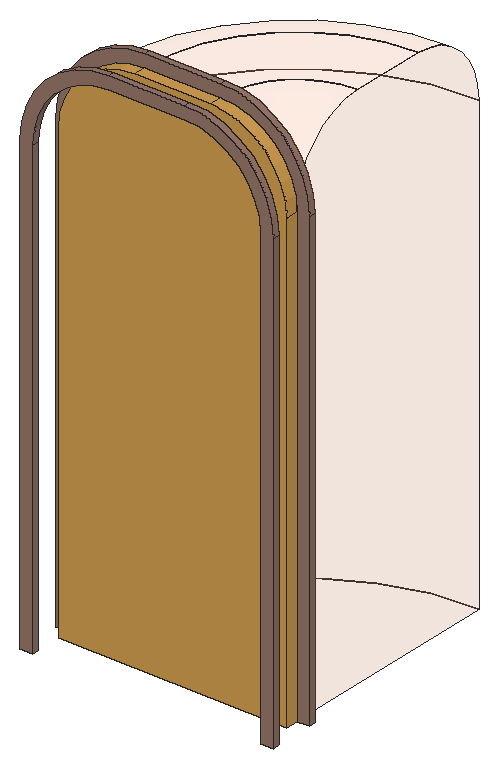
Revit family "A_Door_Single Arch Panel", category Doors, host Wall, Revit 2020
Family settings
  Host = Wall
  OmniClass Number = 23.30.10.00
  OmniClass Title = Doors
  Always vertical = Yes
  Cut with Voids When Loaded = No
  Shared = No
  Room Calculation Point = No
Parameters (values of type "900Wx2100H")
  Visual Light Transmittance = 0
  Thickness = 50 mm
  Thermal Resistance (R) = 0.455703 (m²·K)/W
  Swing Angle [instance] = 90.00°
  Solar Heat Gain Coefficient = 0
  R2 = R + Trim Width  # 350 mm
  R = 300 mm
  Define Thermal Properties by = Schematic Type
  Construction Type Id = "DOOR"
  Heat Transfer Coefficient (U) = 2.19465 W/(m²·K)
  Function = Interior
  Clearance = CLEARANCE
  Assembly Code = "C1020300"
  Panel Material = Wood - Birch - Solid Stained Light Low Gloss
  Trim Material = Paint - Sienna
  Height = 2100 mm
  Trim Projection Ext = 25 mm
  Trim Projection Int = 25 mm
  Trim Width = 50 mm
  Wall Closure = By host
  Width = 900 mm
  Analytic Construction = "Wooden"
Reference planes
  plane 1 "Center(Front/Back)": y = 0
  plane 2: z = 0
  plane 3 "Center (Left/Right)": x = 0
  plane 4 "Left": x = -450
  plane 5 "Right": x = 450
  plane 6 "Top": z = 2100
  plane 7: y = 76.2
  plane 8: z = 1800
  plane 9: x = 150
  plane 10: x = -150
Forms (mm)
  Extrusion 1, solid, material "Wood - Birch - Solid Stained Light Low Gloss" <- "Panel Material"
    sketch origin (0, 0, 0) x (1, 0, 0) y (0, 0, 1)
      loop
        arc (-150, 2100) -> (-362.132, 2012.132) -> (-450, 1800) r 300
        line (-450, 1800) -> (-450, 0) -> (450, 0) -> (450, 1800)
        arc (450, 1800) -> (362.132, 2012.132) -> (150, 2100) r 300
        line (150, 2100) -> (-150, 2100)
    from -76.2 to -26.2
  Extrusion 2, solid, material "Paint - Sienna" <- "Trim Material", detail levels fine
    sketch origin (-1524, -76.2, 0) x (1, 0, 0) y (0, 0, 1)
      loop
        arc (1374, 2150) -> (1126.513, 2047.487) -> (1024, 1800) r 350
        line (1024, 1800) -> (1024, 0) -> (1074, 0) -> (1074, 1800)
        arc (1074, 1800) -> (1161.868, 2012.132) -> (1374, 2100) r 300
        line (1374, 2100) -> (1674, 2100)
        arc (1674, 2100) -> (1886.132, 2012.132) -> (1974, 1800) r 300
        line (1974, 1800) -> (1974, 0) -> (2024, 0) -> (2024, 1800)
        arc (2024, 1800) -> (1921.487, 2047.487) -> (1674, 2150) r 350
        line (1674, 2150) -> (1374, 2150)
    from 0 to 25
  Extrusion 3, solid, material "Paint - Sienna" <- "Trim Material", detail levels fine
    sketch origin (-1524, 76.2, 0) x (-1, 0, 0) y (0, 0, 1)
      loop
        arc (-1674, 2150) -> (-1921.487, 2047.487) -> (-2024, 1800) r 350
        line (-2024, 1800) -> (-2024, 0) -> (-1974, 0) -> (-1974, 1800)
        arc (-1974, 1800) -> (-1886.132, 2012.132) -> (-1674, 2100) r 300
        line (-1674, 2100) -> (-1374, 2100)
        arc (-1374, 2100) -> (-1161.868, 2012.132) -> (-1074, 1800) r 300
        line (-1074, 1800) -> (-1074, 0) -> (-1024, 0) -> (-1024, 1800)
        arc (-1024, 1800) -> (-1126.513, 2047.487) -> (-1374, 2150) r 350
        line (-1374, 2150) -> (-1674, 2150)
    from 0 to 25
Lines and regions (mm)
  Opening 1
    outline origin (-1524, -76.2, 3657.6) x (0, 0, -1) y (1, 0, 0)
      loop
        line (1857.6, 1074) -> (3657.6, 1074) -> (3657.6, 1974) -> (1857.6, 1974)
        arc (1857.6, 1974) -> (1645.468, 1886.132) -> (1557.6, 1674) r 300
        line (1557.6, 1674) -> (1557.6, 1374)
        arc (1557.6, 1374) -> (1645.468, 1161.868) -> (1857.6, 1074) r 300
  symbolic lines, style "Elevation Swing"
    curve 1: line (-450, 0, 2100) -> (450, 0, 1050)
    curve 2: line (-450, 0, 0) -> (450, 0, 1050)
Dimensions and locks
  equal spacing: plane 4 "Left", plane 3 "Center (Left/Right)", plane 5 "Right"
  "Width": plane 4 "Left" to plane 5 "Right"
  "Height": plane 6 "Top" to plane 2
  "Trim Projection Ext": Extrusion 3 to host wall
  "Trim Projection Int": Extrusion 2 to host wall
  "Thickness": Extrusion 1 to host wall
  equal spacing: plane 6 "Top", curve 2, level
  "Trim Width": Extrusion 2 to nested 2
  "Trim Width": Extrusion 2 to Extrusion 1
  "Trim Width": Extrusion 1 to Extrusion 2
  "Trim Width": Extrusion 3 to Extrusion 1  (x3)
  "R": plane 9 to plane 5 "Right"
  "R": plane 4 "Left" to plane 10
  "R": plane 8 to plane 6 "Top"
  "Trim Width": Extrusion 3 to nested 2
  "R": radius of Opening 1 sketch curve  (x2)
  "R": radius of Extrusion 1 sketch curve  (x2)
  "R": radius of Extrusion 3 sketch curve  (x2)
  "R": radius of Extrusion 2 sketch curve  (x2)
  "R2": radius of Extrusion 3 sketch curve  (x2)
  "R2": radius of Extrusion 2 sketch curve  (x2)
  aligned and locked: host wall to Extrusion 1
  aligned and locked: Extrusion 2 to Extrusion 3 sketch curve  (x2)
  aligned and locked: Extrusion 3 sketch curve to Extrusion 2
  aligned and locked: plane 7 to host wall
  aligned and locked: plane 7 to Extrusion 1
  aligned and locked: nested 1 to plane 7
  aligned and locked: nested 1 to plane 5 "Right"
  aligned and locked: nested 2 to plane 7
  aligned and locked: nested 2 to plane 5 "Right"
  aligned and locked: plane 6 "Top" to Extrusion 3 sketch curve
  aligned and locked: Extrusion 3 sketch curve to plane 5 "Right"
  aligned and locked: Extrusion 3 sketch curve to plane 4 "Left"
  aligned and locked: plane 4 "Left" to Extrusion 2 sketch curve
  aligned and locked: plane 6 "Top" to Extrusion 2 sketch curve
  aligned and locked: Extrusion 2 sketch curve to plane 5 "Right"
Automatic sketch dimensions
  curve 1 to plane 4 "Left" = 0 mm
  curve 1 to plane 6 "Top" = 0 mm
  curve 2 to plane 5 "Right" = 0 mm
  curve 2 to level = 0 mm
  curve 2 to plane 4 "Left" = 0 mm
  Opening 1 sketch curve to plane 6 "Top" = 0 mm
  Opening 1 sketch curve to level = 0 mm
  plane 4 "Left" to Opening 1 sketch curve = 0 mm
  plane 5 "Right" to Opening 1 sketch curve = 0 mm
  Extrusion 1 sketch curve to level = 0 mm
  plane 4 "Left" to Extrusion 1 sketch curve = 0 mm
  Extrusion 1 sketch curve to plane 6 "Top" = 0 mm
  plane 5 "Right" to Extrusion 1 sketch curve = 0 mm
  Extrusion 3 sketch curve to level = 0 mm  (x2)
  Extrusion 2 sketch curve to level = 0 mm  (x2)
  plane 4 "Left" to Extrusion 2 sketch curve = 50 mm
  Extrusion 2 sketch curve to plane 9 = 0 mm
  plane 8 to Extrusion 2 sketch curve = 0 mm
Nested families
  nested 1: "Door Swing-Single" at (450, 76.2, 0), Swing Angle <- "Swing Angle", type "Single"
    with Swing Visible yes, Swing Angle 90.00°, Actual Angle 90.00°, Thickness 50 mm
  nested 2: "Clearance 1" at (450, 76.2, 0), Width <- "Width", Swing Door <- "Swing Angle", Height <- "Height", Clearance <- "Clearance", type "Clearance 1"
    with Width 900 mm, Swing Door 90.00°, Height 2100 mm, Clearance CLEARANCE, R 300 mm
Definition of nested family "Clearance 1"
  Parameters (values of type "Clearance 1")
    Width [instance] = 1200 mm
    Swing Door [instance] = 45.00°
    R = 260 mm
    Height [instance] = 1620 mm
    Default Elevation = 0 mm
    Clearance [instance] = none
  Reference planes
    plane 1 "Center (Front/Back)": y = 0
    plane 2: z = 0
    plane 3 "Center (Left/Right)": x = 0
    plane 4: x = -1200
    plane 5: z = 1620
  Forms (mm)
    Revolve 1, solid, material <- "Clearance"
      sketch origin (0, 0, 0) x (1, 0, 0) y (0, 0, 1)
        loop
          line (-260, 1620) -> (-940, 1620)
          arc (-940, 1620) -> (-1123.848, 1543.848) -> (-1200, 1360) r 260
          line (-1200, 1360) -> (-1200, 0) -> (0, 0) -> (0, 1360)
          arc (0, 1360) -> (-76.152, 1543.848) -> (-260, 1620) r 260
        axis (0, 1620) -> (0, 0)
      angle from 0 to 45 <- "Swing Door"
  Lines and regions (mm)
    reference lines
      curve 1: line (0, 0, 0) -> (-1018.234, 1018.234, 0)
  Dimensions and locks
    "Width": plane 4 to plane 3 "Center (Left/Right)"
    "Height": plane 5 to plane 2
    "R": radius of Revolve 1 sketch curve  (x2)
    "Swing Door": angle curve 1 to plane 1 "Center (Front/Back)"
    aligned and locked: level to plane 2
    aligned and locked: plane 3 "Center (Left/Right)" to curve 1
    aligned and locked: plane 1 "Center (Front/Back)" to curve 1
    aligned and locked: plane 5 to Revolve 1 sketch curve
    aligned and locked: plane 3 "Center (Left/Right)" to Revolve 1 sketch curve  (x2)
    aligned and locked: Revolve 1 sketch curve to plane 2
  Automatic sketch dimensions
    Revolve 1 sketch curve to plane 4 = 0 mm
    Revolve 1 sketch curve to level = 0 mm
    Revolve 1 sketch curve to plane 5 = 0 mm
Definition of nested family "Door Swing-Single"
  Parameters (values of type "Single")
    Width = 900 mm
    Thickness = 45 mm
    Swing Visible [instance] = Swing Angle > 1.00°  # yes
    Swing Angle [instance] = 45.00°
    Assembly Code = ""
    Analytic Construction = "<None>"
    Actual Angle [instance] = if(Swing Angle < 1.00°, 1.00°, Swing Angle)  # 45.00°
  Reference planes
    plane 1 "Center (Front/Back)": y = 0
    plane 2: z = 0
    plane 3 "Center (Left/Right)": x = 0
    plane 4: x = -900
  Lines and regions (mm)
    Masking region 1
      outline origin (0, 0, 0) x (-0.707107, 0.707107, 0) y (-0.707107, -0.707107, 0)
        loop
          line (0, 0) -> (900, 0) -> (900, 45) -> (0, 45) -> (0, 0)
    symbolic lines
      curve 1: line (0, 0, 0) -> (-900, 0, 0)
    symbolic lines, visible <- "Swing Visible"
      curve 2: arc (-900, 0, 0) -> (-831.492, 344.415, 0) -> (-636.396, 636.396, 0) r 900
    reference lines
      curve 3: line (0, 0, 0) -> (-636.396, 636.396, 0)
    model lines
      curve 4: line (0, 0, 0) -> (0, 0, 25.4)
  Dimensions and locks
    "Width": plane 4 to plane 3 "Center (Left/Right)"
    locked: curve 2 to plane 3 "Center (Left/Right)"
    locked: curve 2 to plane 1 "Center (Front/Back)"
    "Width": curve 3 to curve 3
    "Thickness": Masking region 1 sketch curve to Masking region 1 sketch curve
    locked: curve 4 to plane 2 at 25.4
    "Width": radius of curve 2
    "Actual Angle": angle curve 2 to curve 2
    "Swing Angle": angle curve 3 to plane 1 "Center (Front/Back)"
    aligned and locked: curve 1 to plane 1 "Center (Front/Back)"
    aligned and locked: plane 3 "Center (Left/Right)" to curve 1
    aligned and locked: plane 3 "Center (Left/Right)" to curve 3
    aligned and locked: plane 1 "Center (Front/Back)" to curve 3
    aligned and locked: curve 3 to Masking region 1 sketch curve
    aligned and locked: Masking region 1 sketch curve to curve 3  (x2)
    aligned and locked: plane 3 "Center (Left/Right)" to curve 4
    aligned and locked: plane 2 to curve 4
